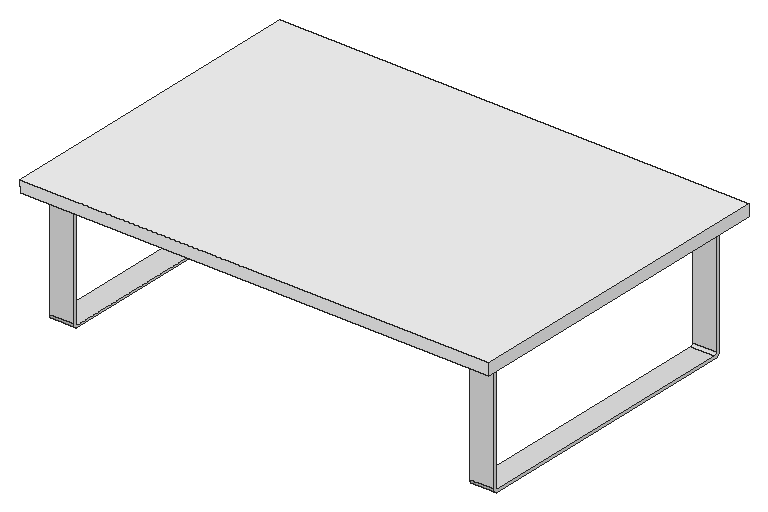
Revit family "Rectangular Table", category Furniture, Revit 2016
Family settings
  OmniClass Number = 23.40.00.00
  OmniClass Title = Equipment and Furnishings
  Work Plane-Based = No
  Always vertical = Yes
  Cut with Voids When Loaded = No
  Shared = No
  Room Calculation Point = No
Parameters (values of type "NST069S")
  Wooden Frame = no
  URL = "www.gof.co.uk"
  Table Top = Gresham - White MFC
  Steel Leg = Gresham - Silver Metal
  Sled Leg = yes
  Range = "ALVIER"
  Product Code = "NST069S"
  Model = "ALVIER"
  Manufacturer = "Gresham Office Furniture"  # constant formula
  Frame = Walnut
  Assembly Code = "E2020200"
Types (2, lengths in mm): name | Wooden Frame | Sled Leg | Product Code | Model
  NST069S | no | yes | "NST069S" | "ALVIER"
  NST069W | yes | no | "NST069W" | 0
Reference planes
  plane 1 "Center (Front/Back)": y = 0
  plane 2: z = 0
  plane 3 "Center (Left/Right)": x = 0
  plane 4: z = 275
Forms (mm)
  Extrusion 1, solid, material "Gresham - White MFC" <- "Table Top"
    sketch origin (8.778, 0, 0) x (1, 0, 0) y (0, 0, 1)
      loop
        line (481.222, 275) -> (-498.778, 275) -> (-498.778, 250) -> (481.222, 250) -> (481.222, 275)
    from -340 to 340
  Blend 2, solid, material "Walnut" <- "Frame", visible <- "Wooden Frame"
    base sketch origin (0, 0, 125.27) x (0, -1, 0) y (1, 0, 0)
      loop
        line (271.408, 473.981) -> (271.408, 460.674)
        arc (271.408, 460.674) -> (273.751, 455.017) -> (279.408, 452.674) r 8
        line (279.408, 452.674) -> (283.408, 452.674)
        arc (283.408, 452.674) -> (289.065, 455.017) -> (291.408, 460.674) r 8
        line (291.408, 460.674) -> (291.408, 473.981)
        arc (291.408, 473.981) -> (289.065, 479.638) -> (283.408, 481.981) r 8
        line (283.408, 481.981) -> (279.408, 481.981)
        arc (279.408, 481.981) -> (273.751, 479.638) -> (271.408, 473.981) r 8
    top sketch origin (0, 0, 125.27) x (0, -1, 0) y (1, 0, 0)
      loop
        line (271.408, 407.384) -> (271.408, 343.384)
        arc (271.408, 343.384) -> (273.751, 337.727) -> (279.408, 335.384) r 8
        line (279.408, 335.384) -> (283.408, 335.384)
        arc (283.408, 335.384) -> (289.065, 337.727) -> (291.408, 343.384) r 8
        line (291.408, 343.384) -> (291.408, 407.384)
        arc (291.408, 407.384) -> (289.065, 413.041) -> (283.408, 415.384) r 8
        line (283.408, 415.384) -> (279.408, 415.384)
        arc (279.408, 415.384) -> (273.751, 413.041) -> (271.408, 407.384) r 8
    from -125.27 to 124.73
  Blend 3, solid, material "Walnut" <- "Frame", visible <- "Wooden Frame"
    base sketch origin (0, 0, 125.27) x (0, 1, 0) y (-1, 0, 0)
      loop
        arc (-271.408, 473.981) -> (-273.751, 479.638) -> (-279.408, 481.981) r 8
        line (-279.408, 481.981) -> (-283.408, 481.981)
        arc (-283.408, 481.981) -> (-289.065, 479.638) -> (-291.408, 473.981) r 8
        line (-291.408, 473.981) -> (-291.408, 460.674)
        arc (-291.408, 460.674) -> (-289.065, 455.017) -> (-283.408, 452.674) r 8
        line (-283.408, 452.674) -> (-279.408, 452.674)
        arc (-279.408, 452.674) -> (-273.751, 455.017) -> (-271.408, 460.674) r 8
        line (-271.408, 460.674) -> (-271.408, 473.981)
    top sketch origin (0, 0, 125.27) x (0, 1, 0) y (-1, 0, 0)
      loop
        arc (-271.408, 407.384) -> (-273.751, 413.041) -> (-279.408, 415.384) r 8
        line (-279.408, 415.384) -> (-283.408, 415.384)
        arc (-283.408, 415.384) -> (-289.065, 413.041) -> (-291.408, 407.384) r 8
        line (-291.408, 407.384) -> (-291.408, 343.384)
        arc (-291.408, 343.384) -> (-289.065, 337.727) -> (-283.408, 335.384) r 8
        line (-283.408, 335.384) -> (-279.408, 335.384)
        arc (-279.408, 335.384) -> (-273.751, 337.727) -> (-271.408, 343.384) r 8
        line (-271.408, 343.384) -> (-271.408, 407.384)
    from -125.27 to 124.73
  Blend 4, solid, material "Walnut" <- "Frame", visible <- "Wooden Frame"
    base sketch origin (0, 0, 125.27) x (0, -1, 0) y (1, 0, 0)
      loop
        arc (-271.408, 473.981) -> (-273.751, 479.638) -> (-279.408, 481.981) r 8
        line (-279.408, 481.981) -> (-283.408, 481.981)
        arc (-283.408, 481.981) -> (-289.065, 479.638) -> (-291.408, 473.981) r 8
        line (-291.408, 473.981) -> (-291.408, 460.674)
        arc (-291.408, 460.674) -> (-289.065, 455.017) -> (-283.408, 452.674) r 8
        line (-283.408, 452.674) -> (-279.408, 452.674)
        arc (-279.408, 452.674) -> (-273.751, 455.017) -> (-271.408, 460.674) r 8
        line (-271.408, 460.674) -> (-271.408, 473.981)
    top sketch origin (0, 0, 125.27) x (0, -1, 0) y (1, 0, 0)
      loop
        arc (-271.408, 407.384) -> (-273.751, 413.041) -> (-279.408, 415.384) r 8
        line (-279.408, 415.384) -> (-283.408, 415.384)
        arc (-283.408, 415.384) -> (-289.065, 413.041) -> (-291.408, 407.384) r 8
        line (-291.408, 407.384) -> (-291.408, 343.384)
        arc (-291.408, 343.384) -> (-289.065, 337.727) -> (-283.408, 335.384) r 8
        line (-283.408, 335.384) -> (-279.408, 335.384)
        arc (-279.408, 335.384) -> (-273.751, 337.727) -> (-271.408, 343.384) r 8
        line (-271.408, 343.384) -> (-271.408, 407.384)
    from -125.27 to 124.73
  Blend 5, solid, material "Walnut" <- "Frame", visible <- "Wooden Frame"
    base sketch origin (0, 0, 125.27) x (0, 1, 0) y (-1, 0, 0)
      loop
        line (271.408, 473.981) -> (271.408, 460.674)
        arc (271.408, 460.674) -> (273.751, 455.017) -> (279.408, 452.674) r 8
        line (279.408, 452.674) -> (283.408, 452.674)
        arc (283.408, 452.674) -> (289.065, 455.017) -> (291.408, 460.674) r 8
        line (291.408, 460.674) -> (291.408, 473.981)
        arc (291.408, 473.981) -> (289.065, 479.638) -> (283.408, 481.981) r 8
        line (283.408, 481.981) -> (279.408, 481.981)
        arc (279.408, 481.981) -> (273.751, 479.638) -> (271.408, 473.981) r 8
    top sketch origin (0, 0, 125.27) x (0, 1, 0) y (-1, 0, 0)
      loop
        line (271.408, 407.384) -> (271.408, 343.384)
        arc (271.408, 343.384) -> (273.751, 337.727) -> (279.408, 335.384) r 8
        line (279.408, 335.384) -> (283.408, 335.384)
        arc (283.408, 335.384) -> (289.065, 337.727) -> (291.408, 343.384) r 8
        line (291.408, 343.384) -> (291.408, 407.384)
        arc (291.408, 407.384) -> (289.065, 413.041) -> (283.408, 415.384) r 8
        line (283.408, 415.384) -> (279.408, 415.384)
        arc (279.408, 415.384) -> (273.751, 413.041) -> (271.408, 407.384) r 8
    from -125.27 to 124.73
  Extrusion 6, solid, material "Walnut" <- "Frame", visible <- "Wooden Frame"
    sketch origin (53.501, 0, -102.441) x (0, 1, 0) y (-0.258819, 0, 0.965926)
      loop
        line (271.408, 204.216) -> (-271.408, 204.216) -> (-271.408, 164.216) -> (271.408, 164.216) -> (271.408, 204.216)
    from 412.878 to 430.878
  Extrusion 7, solid, material "Walnut" <- "Frame", visible <- "Wooden Frame"
    sketch origin (-1.063, 0, 3.832) x (1, 0, 0) y (0, 0, 1)
      loop
        line (-383.937, 211.664) -> (386.063, 211.664) -> (386.063, 246.168) -> (-383.937, 246.168) -> (-383.937, 211.664)
    from 275.013 to 283.013
  Extrusion 8, solid, material "Walnut" <- "Frame", visible <- "Wooden Frame"
    sketch origin (0, 0, 3.832) x (1, 0, 0) y (0, 0, -1)
      loop
        line (-385, -211.664) -> (-385, -246.168) -> (385, -246.168) -> (385, -211.664) -> (-385, -211.664)
    from 275.013 to 283.013
  Extrusion 9, solid, material "Walnut" <- "Frame", visible <- "Wooden Frame"
    sketch origin (-53.501, 0, -102.441) x (0, 1, 0) y (-0.258819, 0, -0.965926)
      loop
        line (271.408, -204.216) -> (271.408, -164.216) -> (-271.408, -164.216) -> (-271.408, -204.216) -> (271.408, -204.216)
    from 412.878 to 430.878
  Extrusion 10, solid, material "Gresham - Silver Metal" <- "Steel Leg", visible <- "Sled Leg"
    sketch origin (4.731, 0, 0) x (0, 1, 0) y (0, 0, 1)
      loop
        line (-294.239, 240) -> (-294.239, 10)
        arc (-294.239, 10) -> (-291.31, 2.929) -> (-284.239, 0) r 10
        line (-284.239, 0) -> (284.239, 0)
        arc (284.239, 0) -> (291.31, 2.929) -> (294.239, 10) r 10
        line (294.239, 10) -> (294.239, 240)
        arc (294.239, 240) -> (291.31, 247.071) -> (284.239, 250) r 10
        line (284.239, 250) -> (174.239, 250) -> (174.239, 245) -> (284.239, 245)
        arc (284.239, 245) -> (287.775, 243.536) -> (289.239, 240) r 5
        line (289.239, 240) -> (289.239, 10)
        arc (289.239, 10) -> (287.775, 6.464) -> (284.239, 5) r 5
        line (284.239, 5) -> (-284.239, 5)
        arc (-284.239, 5) -> (-287.775, 6.464) -> (-289.239, 10) r 5
        line (-289.239, 10) -> (-289.239, 240)
        arc (-289.239, 240) -> (-287.775, 243.536) -> (-284.239, 245) r 5
        line (-284.239, 245) -> (-174.239, 245) -> (-174.239, 250) -> (-284.239, 250)
        arc (-284.239, 250) -> (-291.31, 247.071) -> (-294.239, 240) r 10
    from 410.269 to 460.269
  Extrusion 11, solid, material "Gresham - Silver Metal" <- "Steel Leg", visible <- "Sled Leg"
    sketch origin (-4.731, 0, 0) x (0, 1, 0) y (0, 0, -1)
      loop
        arc (-294.239, -240) -> (-291.31, -247.071) -> (-284.239, -250) r 10
        line (-284.239, -250) -> (-174.239, -250) -> (-174.239, -245) -> (-284.239, -245)
        arc (-284.239, -245) -> (-287.775, -243.536) -> (-289.239, -240) r 5
        line (-289.239, -240) -> (-289.239, -10)
        arc (-289.239, -10) -> (-287.775, -6.464) -> (-284.239, -5) r 5
        line (-284.239, -5) -> (284.239, -5)
        arc (284.239, -5) -> (287.775, -6.464) -> (289.239, -10) r 5
        line (289.239, -10) -> (289.239, -240)
        arc (289.239, -240) -> (287.775, -243.536) -> (284.239, -245) r 5
        line (284.239, -245) -> (174.239, -245) -> (174.239, -250) -> (284.239, -250)
        arc (284.239, -250) -> (291.31, -247.071) -> (294.239, -240) r 10
        line (294.239, -240) -> (294.239, -10)
        arc (294.239, -10) -> (291.31, -2.929) -> (284.239, 0) r 10
        line (284.239, 0) -> (-284.239, 0)
        arc (-284.239, 0) -> (-291.31, -2.929) -> (-294.239, -10) r 10
        line (-294.239, -10) -> (-294.239, -240)
    from 410.269 to 460.269
Dimensions and locks
  locked: Extrusion 1 to Extrusion 1 at 25
  Extrusion 1 to Extrusion 1 = 980 mm
  Extrusion 1 to Extrusion 1 = 680 mm
  equal spacing: Extrusion 1, plane 1 "Center (Front/Back)", Extrusion 1
  equal spacing: Extrusion 1, plane 3 "Center (Left/Right)", Extrusion 1
  locked: plane 4 to level at 275
  aligned and locked: level to plane 2
Automatic sketch dimensions
  Extrusion 1 sketch curve to plane 4 = 0 mm
  Extrusion 1 sketch curve to plane 3 "Center (Left/Right)" = 490 mm
  Extrusion 1 sketch curve to plane 4 = 25 mm
  plane 3 "Center (Left/Right)" to Extrusion 1 sketch curve = 490 mm
  plane 1 "Center (Front/Back)" to Blend 2 sketch curve = 271.408 mm  (x2)
  Blend 2 sketch curve to Blend 2 sketch curve = 8 mm  (x6)
  Blend 2 sketch curve to Blend 2 sketch curve = 4 mm  (x4)
  plane 3 "Center (Left/Right)" to Blend 2 sketch curve = 452.674 mm
  Blend 2 sketch curve to Blend 2 sketch curve = 13.307 mm
  plane 3 "Center (Left/Right)" to Blend 2 sketch curve = 335.384 mm
  Blend 2 sketch curve to Blend 2 sketch curve = 64 mm
  plane 1 "Center (Front/Back)" to Blend 3 sketch curve = 291.408 mm  (x2)
  Blend 3 sketch curve to Blend 3 sketch curve = 8 mm  (x6)
  Blend 3 sketch curve to Blend 3 sketch curve = 4 mm  (x4)
  Blend 3 sketch curve to plane 3 "Center (Left/Right)" = 452.674 mm
  Blend 3 sketch curve to Blend 3 sketch curve = 13.307 mm
  Blend 3 sketch curve to plane 3 "Center (Left/Right)" = 335.384 mm
  Blend 3 sketch curve to Blend 3 sketch curve = 64 mm
  Blend 4 sketch curve to plane 1 "Center (Front/Back)" = 291.408 mm  (x2)
  Blend 4 sketch curve to Blend 4 sketch curve = 8 mm  (x6)
  Blend 4 sketch curve to Blend 4 sketch curve = 4 mm  (x4)
  plane 3 "Center (Left/Right)" to Blend 4 sketch curve = 452.674 mm
  Blend 4 sketch curve to Blend 4 sketch curve = 13.307 mm
  plane 3 "Center (Left/Right)" to Blend 4 sketch curve = 335.384 mm
  Blend 4 sketch curve to Blend 4 sketch curve = 64 mm
  Blend 5 sketch curve to plane 1 "Center (Front/Back)" = 271.408 mm  (x2)
  Blend 5 sketch curve to Blend 5 sketch curve = 8 mm  (x6)
  Blend 5 sketch curve to Blend 5 sketch curve = 4 mm  (x4)
  Blend 5 sketch curve to plane 3 "Center (Left/Right)" = 452.674 mm
  Blend 5 sketch curve to Blend 5 sketch curve = 13.307 mm
  Blend 5 sketch curve to plane 3 "Center (Left/Right)" = 335.384 mm
  Blend 5 sketch curve to Blend 5 sketch curve = 64 mm
  plane 1 "Center (Front/Back)" to Extrusion 6 sketch curve = 271.408 mm
  Extrusion 6 sketch curve to plane 1 "Center (Front/Back)" = 271.408 mm
  Extrusion 6 sketch curve to Extrusion 6 sketch curve = 40 mm
  Extrusion 7 sketch curve to plane 4 = 25 mm
  Extrusion 7 sketch curve to plane 3 "Center (Left/Right)" = 385 mm
  plane 3 "Center (Left/Right)" to Extrusion 7 sketch curve = 385 mm
  Extrusion 7 sketch curve to Extrusion 7 sketch curve = 34.503 mm
  Extrusion 8 sketch curve to plane 4 = 25 mm
  Extrusion 8 sketch curve to plane 3 "Center (Left/Right)" = 385 mm
  plane 3 "Center (Left/Right)" to Extrusion 8 sketch curve = 385 mm
  Extrusion 8 sketch curve to Extrusion 8 sketch curve = 34.503 mm
  plane 1 "Center (Front/Back)" to Extrusion 9 sketch curve = 271.408 mm
  Extrusion 9 sketch curve to plane 1 "Center (Front/Back)" = 271.408 mm
  Extrusion 9 sketch curve to Extrusion 9 sketch curve = 40 mm
  Extrusion 10 sketch curve to Extrusion 10 sketch curve = 0 mm  (x8)
  Extrusion 10 sketch curve to level = 0 mm
  Extrusion 10 sketch curve to plane 4 = 35 mm  (x2)
  plane 1 "Center (Front/Back)" to Extrusion 10 sketch curve = 294.239 mm
  Extrusion 10 sketch curve to Extrusion 10 sketch curve = 5 mm  (x4)
  Extrusion 10 sketch curve to Extrusion 10 sketch curve = 110 mm  (x2)
  Extrusion 10 sketch curve to plane 4 = 30 mm
  Extrusion 10 sketch curve to plane 1 "Center (Front/Back)" = 174.239 mm
  Extrusion 11 sketch curve to Extrusion 11 sketch curve = 0 mm  (x8)
  Extrusion 11 sketch curve to level = 0 mm
  Extrusion 11 sketch curve to plane 4 = 35 mm  (x2)
  plane 1 "Center (Front/Back)" to Extrusion 11 sketch curve = 294.239 mm
  Extrusion 11 sketch curve to Extrusion 11 sketch curve = 5 mm  (x4)
  Extrusion 11 sketch curve to Extrusion 11 sketch curve = 110 mm  (x2)
  Extrusion 11 sketch curve to plane 4 = 30 mm
  Extrusion 11 sketch curve to plane 1 "Center (Front/Back)" = 174.239 mm
